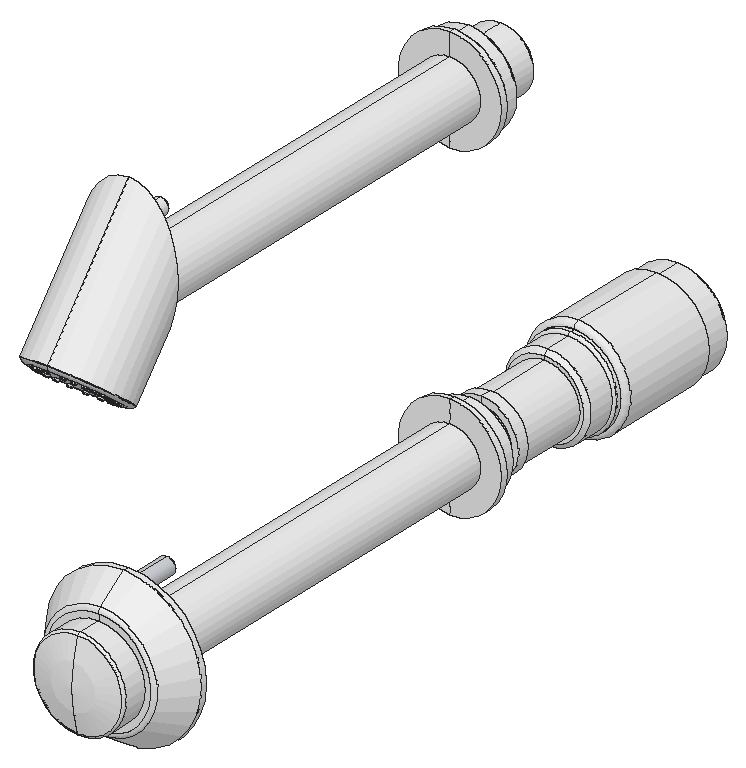
Revit family "31186-presto", category Plumbing Fixtures, Revit 2022
Family settings
  Round Connector Dimension = Use Diameter
  Part Type = Normal
  OmniClass Number = 23.45.00.00
  OmniClass Title = Sanitary, Laundry, and Cleaning Equipment
  Work Plane-Based = Yes
  Always vertical = Yes
  Cut with Voids When Loaded = No
  Maintain Annotation Orientation = No
  Shared = No
  Room Calculation Point = No
Parameters (values of type "31186- Les Robinets PRESTO")
  ref = "31186 - Cross-partition kit with PRESTO 512 S® - 1 to 140mm"
  range = "Timed flow single tap for shower"
  pressure = 5.00 bar
  min pressure = 1.00 bar
  material = stain
  flow = 6 L/min
  brand = "Les Robinets PRESTO"
  URL = "https://www.prestodatashare.com/espacedoc/Fiches_Techniques/GB/31186.pdf"
  Standards & approvals [instance] = "Brass body in accordance with EN 1982, EN 12164, EN 12156\r\nMolded chrome-plated body in accordance with EN 12540\r\n200-hour neutral salt spray resistant (NSS) in accordance with ISO 9227"
  Ref [instance] = "31186 - Cross-partition kit with PRESTO 512 S® - 1 to 140mm"
  Recommended pressure = 3.00 bar
  Range [instance] = "Timed flow single tap for shower"
  Model = "31186"
  Description = "31186 - Cross-partition kit with PRESTO 512 S® - 1 to 140mm"
  Delivered with [instance] = "Instruction manual"
  Default Elevation = 1219.2 mm
  > Thermal resistance : = 75.0000 (h·ft²·°F)/BTU
  - Hydraulic supply = 15.000"
Reference planes
  plane 1 "Center (Front/Back)": y = 0
  plane 2: z = 0
  plane 3 "Center (Left/Right)": x = 0
  plane 4: through (12192, -65.521, 1.879) normal (0, -0.4226, -0.9063)
  plane 5 "h": through (12192, -65.521, 1.879) normal (0, -0.4226, -0.9063)
  plane 6: through (12192, -8.862, -27.61) normal (0, -0.6293, -0.7771)
Forms (mm)
  Revolve 1, solid, material "stain" <- "material"
    sketch origin (0, 1.315, 0) x (0, 1, 0) y (0, 0, 1)
      loop
        line (-23.522, -16.803) -> (11.778, 26.789) -> (-1.566, 37.595) -> (-36.866, -5.997) -> (-23.522, -16.803)
      axis (-23.522, -16.803) -> (11.778, 26.789)
    angle from 0 to 360
  Extrusion 2, void
    sketch origin (0, 0, 0) x (0, 1, 0) y (0, 0, 1)
      loop
        line (-0.252, 45.138) -> (-0.252, -42.058) -> (41.658, 13.557) -> (-0.252, 45.138)
    from -66.821 to 250
  Revolve 3, solid
    sketch origin (0, -0.661, 3.525) x (0, 0.994631, 0.103489) y (0, -0.103489, 0.994631)
      loop
        arc (-35.552, -5.997) -> (-35.439, -7.3) -> (-34.677, -8.363) r 2.47
        line (-34.677, -8.363) -> (-23.123, -17.72) -> (-22.207, -16.803) -> (-35.552, -5.997)
      axis (-22.207, -16.803) -> (-24.222, -18.818)
    angle from 0 to 360
  Extrusion 4, solid
    sketch origin (4.817, -23.335, -15.89) x (0.080572, 0.774619, -0.627274) y (0.996749, -0.062616, 0.050706)
      loop
        circle (13.731, -5.004) r 0.898
      loop
        circle (13.143, -1.084) r 0.898
      loop
        circle (11.479, 2.162) r 0.898
      loop
        circle (6.672, -16.238) r 0.898
      loop
        circle (10.034, -13.821) r 0.898
      loop
        circle (12.782, -9.954) r 0.898
      loop
        circle (3.053, -17.365) r 0.898
      loop
        circle (-0.653, -17.38) r 0.898
      loop
        circle (-3.422, -16.651) r 0.898
      loop
        circle (-6.639, -14.811) r 0.898
      loop
        circle (-8.672, -12.794) r 0.898
      loop
        circle (-10.538, -9.593) r 0.898
      loop
        circle (-11.291, -6.83) r 0.898
      loop
        circle (-10.823, -1.049) r 0.898
      loop
        circle (-9.335, 2.035) r 0.898
      loop
        circle (-7.155, 4.53) r 0.898
      loop
        circle (-5.107, 5.993) r 0.898
      loop
        circle (-2.306, 7.175) r 0.898
      loop
        circle (1.21, 7.658) r 0.898
      loop
        circle (4.141, 7.297) r 0.898
      loop
        circle (7.395, 5.998) r 0.898
    from -4.769 to 1.606
  Revolve 5, solid, material "stain" <- "material"
    sketch origin (0, 0, 0) x (0, 1, 0) y (0, 0, 1)
      loop
        line (-0.252, 22.271) -> (14.548, 22.271) -> (14.548, 24.157) -> (13.696, 25.01) -> (-0.252, 25.01) -> (-0.252, 22.271)
      axis (14.548, 22.271) -> (-0.252, 22.271)
    angle from 0 to 360
  Revolve 6, solid, material "stain" <- "material"
    sketch origin (0, 0, 0) x (0, 1, 0) y (0, 0, 1)
      loop
        line (-0.252, 3.157) -> (163.748, 3.157) -> (163.748, 12.473) -> (161.633, 14.589) -> (149.437, 14.589) -> (149.437, 18.099) -> (147.751, 19.786) -> (143.235, 19.786) -> (141.748, 18.299) -> (141.748, 21.157) -> (139.748, 21.157) -> (139.748, 13.557) -> (-0.252, 13.557) -> (-0.252, 3.157)
      axis (-0.252, 3.157) -> (163.748, 3.157)
    angle from 0 to 360
  Revolve 7, solid, material "stain" <- "material"
    sketch origin (0, 0, 0) x (0, 1, 0) y (0, 0, 1)
      loop
        line (-0.252, -111.337) -> (-0.252, -84.337) -> (-2.252, -84.337) -> (-12.399, -91.442)
        arc (-12.399, -91.442) -> (-13.026, -92.157) -> (-13.252, -93.081) r 2
        line (-13.252, -93.081) -> (-13.252, -95.337) -> (-21.204, -95.337)
        arc (-21.204, -95.337) -> (-21.782, -95.521) -> (-22.147, -96.004) r 1
        arc (-22.147, -96.004) -> (-24.115, -103.558) -> (-24.778, -111.337) r 46
        line (-24.778, -111.337) -> (-0.252, -111.337)
      axis (-24.778, -111.337) -> (-0.252, -111.337)
    angle from 0 to 360
  Revolve 8, solid
    sketch origin (0, 0, 0) x (0, 1, 0) y (0, 0, 1)
      loop
        line (-0.252, -91.22) -> (17.548, -91.22) -> (17.548, -89.327) -> (16.492, -88.271) -> (-0.252, -88.271) -> (-0.252, -91.22)
      axis (-0.252, -91.22) -> (17.548, -91.22)
    angle from 0 to 360
  Revolve 9, solid, material "stain" <- "material"
    sketch origin (0, 0, 0) x (0, 1, 0) y (0, 0, 1)
      loop
        line (193.853, -95.337) -> (192.448, -95.337)
        arc (192.448, -95.337) -> (191.741, -95.63) -> (191.448, -96.337) r 1
        line (191.448, -96.337) -> (182.448, -96.337) -> (180.948, -97.837) -> (180.948, -99.237) -> (157.248, -99.237) -> (157.248, -98.337) -> (153.248, -98.337) -> (153.248, -100.937) -> (149.748, -100.937) -> (149.748, -98.354)
        arc (149.748, -98.354) -> (149.072, -97.314) -> (148.248, -96.388) r 8.279
        line (148.248, -96.388) -> (143.248, -96.388)
        arc (143.248, -96.388) -> (142.425, -97.314) -> (141.748, -98.354) r 8.281
        line (141.748, -98.354) -> (141.748, -93.337) -> (139.748, -93.337) -> (139.748, -100.937) -> (-0.252, -100.937) -> (-0.252, -111.337) -> (246.847, -111.337) -> (246.847, -106.337) -> (245.245, -104.735) -> (239.847, -104.735) -> (239.847, -95.337) -> (238.847, -94.337) -> (229.847, -94.337) -> (229.847, -93.337) -> (195.847, -93.337)
        arc (195.847, -93.337) -> (194.487, -93.871) -> (193.853, -95.187) r 2
      axis (246.847, -111.337) -> (-0.252, -111.337)
    angle from 0 to 360
Cuts and joins
  Extrusion 2 cuts Revolve 1
Dimensions and locks
  aligned and locked: level to plane 2
Connectors
  piping at (0, 163.748, 3.157), diameter 20
    settings: on Revolve 6, index 1, connector inside diameter 24", connector length 0 mm, flow factor 0, pipe flow 0 L/min, pressure drop 0.00 bar, fitting loss kfactor 0, connector angle 0.00°, fixture units 0, engagement length 0 mm, angle of deflection 0.00°, flow configuration 0, flow direction 0, fitting loss method 0, system type 7, joint type 0, gender type 0, connector reference index -1, connector utility 0, adjustable connector no, is connector primary yes, connector description ""
  piping at (0, 246.847, -111.337), diameter 15
    settings: on Revolve 9, index 2, connector inside diameter 24", connector length 0 mm, flow factor 0, pipe flow 0 L/min, pressure drop 0.00 bar, fitting loss kfactor 0, connector angle 0.00°, fixture units 0, engagement length 0 mm, angle of deflection 0.00°, flow configuration 0, flow direction 0, fitting loss method 0, system type 7, joint type 0, gender type 0, connector reference index -1, connector utility 0, adjustable connector no, is connector primary no, connector description ""
